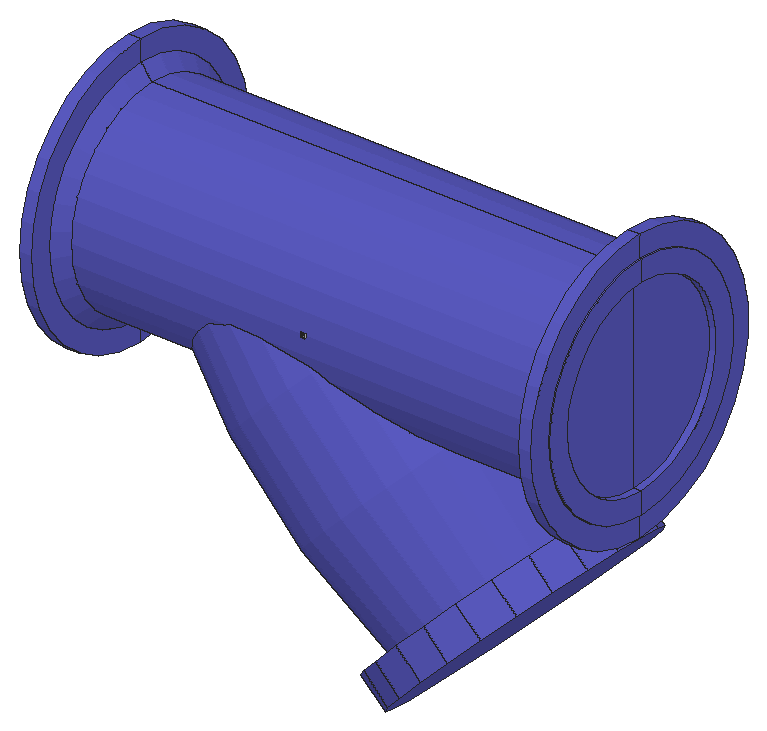
Revit family "Фильтр-грязевик 4111", category Rohrzubehör, Revit 2019
Family settings
  Bemaßung runder Anschluss = Durchmesser verwenden
  Teiletyp = Unterbricht
  OmniClass-Nummer = 23.65.55.14
  OmniClass-Titel = Valves for Liquid Services
  Arbeitsebenenbasiert = Nein
  Immer vertikal = Ja
  Beim Laden mit Abzugskörper schneiden = Nein
  Gemeinsam genutzt = Nein
Parameters
  Уплотнения = "Klingerit"  # constant formula
  Среда = "Качество теплоносителя в соответствии с ÖNORM H5195 и/или предписаниями VDI-Standard 2035.\r\nРазрешается использование смеси этилен или пропиленгликоля в соотношении 25-50% с водой."
  Область применения = "Применяются в системах тепло- и холодоснабжения."
  Номер заказа [instance] = size_lookup("4111_F_", "Artnr", 0, Nennweite)  # 4411190
  Мин. рабочая температура = -10 °C  # constant formula
  Макс. рабочая температура = 120 °C  # constant formula
  Корпус = "GG25"  # constant formula
  Вес [instance] = size_lookup("4111_F_", "Gew", 0, Nennweite)  # 505
  Болты [instance] = if(Nennweite = 50.000 mm, "4x M16x60", if(Nennweite = 65.000 mm, "4x M16x60", if(Nennweite = 80.000 mm, "8x M16x65", if(Nennweite = 100.000 mm, "8x M16x65", if(Nennweite = 125.000 mm, "8x M16x70", if(Nennweite = 150.000 mm, "8x M20x70", if(Nennweite = 200.000 mm, "12x M20x75", if(Nennweite = 250.000 mm, "12x M24x85", if(Nennweite = 300.000 mm, "12x M24x85", if(Nennweite = 350.000 mm, "16x M24x90", "16x M27x100"))))))))))  # "16x M27x100"
  PN = 1600000.0 Pa  # constant formula
  kvs [instance] = if(Nennweite = 50.000 mm, 51, if(Nennweite = 65.000 mm, 70, if(Nennweite = 80.000 mm, 114, if(Nennweite = 100.000 mm, 197, if(Nennweite = 125.000 mm, 271, if(Nennweite = 150.000 mm, 349, if(Nennweite = 200.000 mm, 449, if(Nennweite = 250.000 mm, 994, if(Nennweite = 300.000 mm, 1566, if(Nennweite = 350.000 mm, 2461, 3645))))))))))  # 3645
  Крепление фильтрующего элемента = "Нержавеющая сталь"  # constant formula
  W02 = 45.00°  # constant formula
  W01 = 140.00°  # constant formula
  Уплотнение заглушки = "Медь"  # constant formula
  Заглушка = "Сталь St37"  # constant formula
  URL = "www.herz-armaturen.ru"
  SCRNSEQ = "AWI;AWI_TYP=\"1011\";2"
  SCRNCODE = "05;15;02"  # constant formula
  S01 [instance] = 2 * FLD01  # 580.000 mm
  R02 [instance] = size_lookup("4111_F_", "R2", 1.000 mm, Nennweite)  # 221.000 mm
  R01 [instance] = size_lookup("4111_F_", "R1", 1.000 mm, Nennweite)  # 250.000 mm
  Nennweite [instance] = 400.000 mm
  L02 [instance] = size_lookup("4111_F_", "L2", 1.000 mm, Nennweite)  # 301.000 mm
  Hersteller = "HERZ Armaturen Ges.m.b.H."  # constant formula
  L01 [instance] = size_lookup("4111_F_", "L1", 1.000 mm, Nennweite)  # 550.000 mm
  H01 [instance] = size_lookup("4111_F_", "H1", 1.000 mm, Nennweite)  # 479.500 mm
  Фильтрующий элемент (DN50-DN80) = "AISI 304, размер ячейки 600 мкм"  # constant formula
  Фильтрующий элемент (DN100-DN400) = "AISI 304, размер ячейки 1500 мкм"  # constant formula
  FLL02 [instance] = size_lookup("4111_F_", "FLL2", 1.000 mm, Nennweite)  # 30.000 mm
  FLL01 [instance] = size_lookup("4111_F_", "FLL1", 1.000 mm, Nennweite)  # 4.000 mm
  FLD02 [instance] = size_lookup("4111_F_", "FLD2", 1.000 mm, Nennweite)  # 245.000 mm
  FLD01 [instance] = size_lookup("4111_F_", "FLD1", 1.000 mm, Nennweite)  # 290.000 mm
  DN80 [instance] = Nennweite = 80.000 mm  # no
  DN65 [instance] = Nennweite = 65.000 mm  # no
  DN50 [instance] = Nennweite = 50.000 mm  # no
  DN400 [instance] = Nennweite = 400.000 mm  # yes
  DN350 [instance] = Nennweite = 350.000 mm  # no
  DN300 [instance] = Nennweite = 300.000 mm  # no
  DN250 [instance] = Nennweite = 250.000 mm  # no
  DN200 [instance] = Nennweite = 200.000 mm  # no
  DN150 [instance] = Nennweite = 150.000 mm  # no
  DN125 [instance] = Nennweite = 125.000 mm  # no
  DN100 [instance] = Nennweite = 100.000 mm  # no
  DN [instance] = Nennweite / 2  # 200.000 mm
  D01 [instance] = size_lookup("4111_F_", "D1", 1.000 mm, Nennweite)  # 216.000 mm
  Крышка = "GG25"  # constant formula
Reference planes
  plane 1 "Mitte (Vorne/hinten)": y = 0
  plane 2: z = 0
  plane 3 "Mitte (Links/rechts)": x = 0
Forms (mm)
  Revolve 1, solid, material "Herz-Marineblau", detail levels fine
    sketch origin (0, 0, 0) x (1, 0, 0) y (0, 0, 1)
      loop
        line (-546, 245) -> (-550, 245) -> (-550, 200) -> (-533.79, 200) -> (-533.79, 0) -> (533.79, 0) -> (533.79, 200) -> (550, 200) -> (550, 245) -> (546, 245) -> (546, 290) -> (520, 290) -> (520, 234.5) -> (504.477, 216) -> (-495.666, 216) -> (-520, 245) -> (-520, 290) -> (-546, 290) -> (-546, 245)
      axis (-550, 0) -> (550, 0)
    angle from 0 to 360
  Revolve 2, solid, material "Herz-Marineblau", detail levels fine
    sketch origin (0, 0, 0) x (1, 0, 0) y (0, 0, 1)
      loop
        line (-230.5, 0) -> (-371.921, -141.421)
        arc (-371.921, -141.421) -> (-167.867, -415.168) -> (92.729, -635.771) r 1502.314
        line (92.729, -635.771) -> (249, -479.5) -> (-230.5, 0)
      axis (-230.5, 0) -> (249, -479.5)
    angle from 0 to 360
  Extrusion 3, solid, material "Herz-Marineblau", visible <- "DN50", detail levels fine
    sketch origin (12, 0, -74) x (0, 1, 0) y (0.707107, 0, 0.707107)
      loop
        arc (50, 40) -> (47.071, 47.071) -> (40, 50) r 10
        line (40, 50) -> (-40, 50)
        arc (-40, 50) -> (-47.071, 47.071) -> (-50, 40) r 10
        line (-50, 40) -> (-50, -40)
        arc (-50, -40) -> (-47.071, -47.071) -> (-40, -50) r 10
        line (-40, -50) -> (40, -50)
        arc (40, -50) -> (47.071, -47.071) -> (50, -40) r 10
        line (50, -40) -> (50, 40)
    from 30.5 to 0
  Extrusion 4, solid, material "Herz-Marineblau", visible <- "DN65", detail levels fine
    sketch origin (17, 0, -102.5) x (0, 1, 0) y (0.707107, 0, 0.707107)
      loop
        line (-60, 40) -> (-60, -40)
        arc (-60, -40) -> (-54.142, -54.142) -> (-40, -60) r 20
        line (-40, -60) -> (40, -60)
        arc (40, -60) -> (54.142, -54.142) -> (60, -40) r 20
        line (60, -40) -> (60, 40)
        arc (60, 40) -> (54.142, 54.142) -> (40, 60) r 20
        line (40, 60) -> (-40, 60)
        arc (-40, 60) -> (-54.142, 54.142) -> (-60, 40) r 20
    from 33 to 0
  Extrusion 5, solid, material "Herz-Marineblau", visible <- "DN80", detail levels fine
    sketch origin (44, 0, -118) x (0, 1, 0) y (0.707107, 0, 0.707107)
      loop
        line (-67, 47) -> (-67, -47)
        arc (-67, -47) -> (-61.142, -61.142) -> (-47, -67) r 20
        line (-47, -67) -> (47, -67)
        arc (47, -67) -> (61.142, -61.142) -> (67, -47) r 20
        line (67, -47) -> (67, 47)
        arc (67, 47) -> (61.142, 61.142) -> (47, 67) r 20
        line (47, 67) -> (-47, 67)
        arc (-47, 67) -> (-61.142, 61.142) -> (-67, 47) r 20
    from 34 to 0
  Extrusion 6, solid, material "Herz-Marineblau", visible <- "DN100", detail levels fine
    sketch origin (43, -449.258, -142) x (0, 1, 0) y (0.707107, 0, 0.707107)
      loop
        line (544.008, 0) -> (531.314, 47.375) -> (496.633, 82.056) -> (449.258, 94.75) -> (401.883, 82.056) -> (367.203, 47.375) -> (354.508, 0) -> (367.203, -47.375) -> (401.883, -82.056) -> (449.258, -94.75) -> (496.633, -82.056) -> (531.314, -47.375) -> (544.008, 0)
    from 35.5 to 0
  Extrusion 7, solid, material "Herz-Marineblau", visible <- "DN125", detail levels fine
    sketch origin (54, -422.813, -170) x (0, 1, 0) y (0.707107, 0, 0.707107)
      loop
        line (535.313, 0) -> (520.241, 56.25) -> (479.063, 97.428) -> (422.813, 112.5) -> (366.563, 97.428) -> (325.386, 56.25) -> (310.313, 0) -> (325.386, -56.25) -> (366.563, -97.428) -> (422.813, -112.5) -> (479.063, -97.428) -> (520.241, -56.25) -> (535.313, 0)
    from 44.5 to 0
  Extrusion 8, solid, material "Herz-Marineblau", visible <- "DN150", detail levels fine
    sketch origin (61.5, -490.074, -187.5) x (0, 1, 0) y (0.707107, 0, 0.707107)
      loop
        line (621.324, 0) -> (603.739, 65.625) -> (555.699, 113.666) -> (490.074, 131.25) -> (424.449, 113.666) -> (376.408, 65.625) -> (358.824, 0) -> (376.408, -65.625) -> (424.449, -113.666) -> (490.074, -131.25) -> (555.699, -113.666) -> (603.739, -65.625) -> (621.324, 0)
    from 44.7 to 0
  Extrusion 9, solid, material "Herz-Marineblau", visible <- "DN200", detail levels fine
    sketch origin (82, -429.19, -249) x (0, 1, 0) y (0.707107, 0, 0.707107)
      loop
        line (588.19, 0) -> (566.888, 79.5) -> (508.69, 137.698) -> (429.19, 159) -> (349.69, 137.698) -> (291.492, 79.5) -> (270.19, 0) -> (291.492, -79.5) -> (349.69, -137.698) -> (429.19, -159) -> (508.69, -137.698) -> (566.888, -79.5) -> (588.19, 0)
    from 47 to 0
  Extrusion 10, solid, material "Herz-Marineblau", visible <- "DN250", detail levels fine
    sketch origin (109.5, -496.545, -300) x (0, 1, 0) y (0.707107, 0, 0.707107)
      loop
        line (686.545, 0) -> (680.071, 49.176) -> (661.09, 95) -> (630.895, 134.35) -> (591.545, 164.545) -> (545.72, 183.526) -> (496.545, 190) -> (447.369, 183.526) -> (401.545, 164.545) -> (362.194, 134.35) -> (332, 95) -> (313.019, 49.176) -> (306.545, 0) -> (313.019, -49.176) -> (332, -95) -> (362.194, -134.35) -> (401.545, -164.545) -> (447.369, -183.526) -> (496.545, -190) -> (545.72, -183.526) -> (591.545, -164.545) -> (630.895, -134.35) -> (661.09, -95) -> (680.071, -49.176) -> (686.545, 0)
    from 56.5 to 0
  Extrusion 11, solid, material "Herz-Marineblau", visible <- "DN300", detail levels fine
    sketch origin (82, 617.078, -333) x (0, 1, 0) y (0.707107, 0, 0.707107)
      loop
        line (-390.078, 0) -> (-397.813, 58.752) -> (-420.49, 113.5) -> (-456.565, 160.513) -> (-503.578, 196.588) -> (-558.326, 219.265) -> (-617.078, 227) -> (-675.83, 219.265) -> (-730.578, 196.588) -> (-777.591, 160.513) -> (-813.666, 113.5) -> (-836.343, 58.752) -> (-844.078, 0) -> (-836.343, -58.752) -> (-813.666, -113.5) -> (-777.591, -160.513) -> (-730.578, -196.588) -> (-675.83, -219.265) -> (-617.078, -227) -> (-558.326, -219.265) -> (-503.578, -196.588) -> (-456.565, -160.513) -> (-420.49, -113.5) -> (-397.813, -58.752) -> (-390.078, 0)
    from 61 to 0
  Extrusion 12, solid, material "Herz-Marineblau", visible <- "DN350", detail levels fine
    sketch origin (211, 802.601, -476) x (0, 1, 0) y (0.707107, 0, 0.707107)
      loop
        line (-547.601, 0) -> (-556.29, 65.999) -> (-581.764, 127.5) -> (-622.288, 180.312) -> (-675.101, 220.836) -> (-736.602, 246.311) -> (-802.601, 255) -> (-868.6, 246.311) -> (-930.101, 220.836) -> (-982.913, 180.312) -> (-1023.437, 127.5) -> (-1048.912, 65.999) -> (-1057.601, 0) -> (-1048.912, -65.999) -> (-1023.437, -127.5) -> (-982.913, -180.312) -> (-930.101, -220.836) -> (-868.6, -246.311) -> (-802.601, -255) -> (-736.602, -246.311) -> (-675.101, -220.836) -> (-622.288, -180.312) -> (-581.764, -127.5) -> (-556.29, -65.999) -> (-547.601, 0)
    from 73 to 0
  Extrusion 13, solid, material "Herz-Marineblau", visible <- "DN400", detail levels fine
    sketch origin (249, 812.573, -479.5) x (0, 1, 0) y (0.707107, 0, 0.707107)
      loop
        line (-532.573, 0) -> (-542.114, 72.469) -> (-570.086, 140) -> (-614.583, 197.99) -> (-672.573, 242.487) -> (-740.104, 270.459) -> (-812.573, 280) -> (-885.042, 270.459) -> (-952.573, 242.487) -> (-1010.563, 197.99) -> (-1055.06, 140) -> (-1083.032, 72.469) -> (-1092.573, 0) -> (-1083.032, -72.469) -> (-1055.06, -140) -> (-1010.563, -197.99) -> (-952.573, -242.487) -> (-885.042, -270.459) -> (-812.573, -280) -> (-740.104, -270.459) -> (-672.573, -242.487) -> (-614.583, -197.99) -> (-570.086, -140) -> (-542.114, -72.469) -> (-532.573, 0)
    from 74 to 0
Lines and regions (mm)
  model lines, detail levels coarse+medium
    curve 1: line (-550, 0, 290) -> (550, 0, 290)
    curve 2: line (-550, 0, -290) -> (-550, 0, 290)
    curve 3: line (550, 0, -290) -> (-550, 0, -290)
    curve 4: line (550, 0, 290) -> (550, 0, -290)
    curve 5: line (550, 0, -290) -> (-550, 0, 290)
    curve 6: line (-550, 290, 0) -> (550, 290, 0)
    curve 7: line (-550, -290, 0) -> (-550, 290, 0)
    curve 8: line (550, -290, 0) -> (-550, -290, 0)
    curve 9: line (550, 290, 0) -> (550, -290, 0)
    curve 10: line (550, -290, 0) -> (-550, 290, 0)
Dimensions and locks
  "FLD01": Revolve 1 sketch curve to plane 2  (x2)
  "FLD02": Revolve 1 sketch curve to plane 2  (x3)
  "DN": Revolve 1 sketch curve to plane 2  (x2)
  "L01": Revolve 1 sketch curve to plane 3 "Mitte (Links/rechts)"  (x2)
  "FLL01": Revolve 1 sketch curve to Revolve 1 sketch curve  (x2)
  "FLL02": Revolve 1 sketch curve to Revolve 1 sketch curve  (x2)
  "D01": Revolve 1 sketch curve to plane 2  (x2)
  "H01": plane 2 to Revolve 2 sketch curve
  "L02": Revolve 2 sketch curve to Revolve 1
  "R02": Revolve 2 sketch curve to Revolve 2 sketch curve
  "DN": Revolve 2 sketch curve to Revolve 2 sketch curve
  "D01": nested 1 to plane 1 "Mitte (Vorne/hinten)"
  "L01": plane 3 "Mitte (Links/rechts)" to curve 2
  "L01": plane 3 "Mitte (Links/rechts)" to curve 4
  equal spacing: curve 5, plane 2, curve 3
  "S01": curve 1 to curve 3
  equal spacing: curve 8, plane 1 "Mitte (Vorne/hinten)", curve 6
  "S01": curve 8 to curve 6
  "L01": curve 7 to plane 3 "Mitte (Links/rechts)"
  "L01": plane 3 "Mitte (Links/rechts)" to curve 9
  "R01": Revolve 2 sketch curve to Revolve 2 sketch curve
  "W01": angle Revolve 1 sketch curve to Revolve 1 sketch curve  (x2)
  "W02": angle Revolve 2 sketch curve to plane 2
  aligned and locked: level to plane 2
Automatic sketch dimensions
  plane 1 "Mitte (Vorne/hinten)" to Extrusion 3 sketch curve = 50.000 mm
  Extrusion 3 sketch curve to Extrusion 3 sketch curve = 10.000 mm  (x3)
  Extrusion 3 sketch curve to plane 1 "Mitte (Vorne/hinten)" = 40.000 mm  (x2)
  Extrusion 3 sketch curve to Extrusion 3 sketch curve = 80.000 mm
  plane 1 "Mitte (Vorne/hinten)" to Extrusion 4 sketch curve = 60.000 mm
  Extrusion 4 sketch curve to Extrusion 4 sketch curve = 20.000 mm  (x3)
  Extrusion 4 sketch curve to plane 1 "Mitte (Vorne/hinten)" = 40.000 mm  (x2)
  Extrusion 4 sketch curve to Extrusion 4 sketch curve = 80.000 mm
  plane 1 "Mitte (Vorne/hinten)" to Extrusion 5 sketch curve = 67.000 mm
  Extrusion 5 sketch curve to Extrusion 5 sketch curve = 20.000 mm  (x3)
  Extrusion 5 sketch curve to plane 1 "Mitte (Vorne/hinten)" = 47.000 mm  (x2)
  Extrusion 5 sketch curve to Extrusion 5 sketch curve = 94.000 mm
  Extrusion 6 sketch curve to plane 1 "Mitte (Vorne/hinten)" = 0.000 mm  (x2)
  plane 1 "Mitte (Vorne/hinten)" to Extrusion 6 sketch curve = 47.375 mm  (x2)
  Extrusion 6 sketch curve to Extrusion 6 sketch curve = 34.681 mm  (x8)
  Extrusion 6 sketch curve to Extrusion 6 sketch curve = 12.694 mm  (x5)
  Extrusion 6 sketch curve to plane 1 "Mitte (Vorne/hinten)" = 47.375 mm  (x2)
  Extrusion 6 sketch curve to Extrusion 6 sketch curve = 47.375 mm  (x4)
  Extrusion 7 sketch curve to plane 1 "Mitte (Vorne/hinten)" = 0.000 mm  (x2)
  plane 1 "Mitte (Vorne/hinten)" to Extrusion 7 sketch curve = 56.250 mm  (x2)
  Extrusion 7 sketch curve to Extrusion 7 sketch curve = 41.178 mm  (x8)
  Extrusion 7 sketch curve to Extrusion 7 sketch curve = 15.072 mm  (x5)
  Extrusion 7 sketch curve to plane 1 "Mitte (Vorne/hinten)" = 56.250 mm  (x2)
  Extrusion 7 sketch curve to Extrusion 7 sketch curve = 56.250 mm  (x4)
  Extrusion 8 sketch curve to plane 1 "Mitte (Vorne/hinten)" = 0.000 mm  (x2)
  plane 1 "Mitte (Vorne/hinten)" to Extrusion 8 sketch curve = 65.625 mm  (x2)
  Extrusion 8 sketch curve to Extrusion 8 sketch curve = 48.041 mm  (x8)
  Extrusion 8 sketch curve to Extrusion 8 sketch curve = 17.584 mm  (x5)
  Extrusion 8 sketch curve to plane 1 "Mitte (Vorne/hinten)" = 65.625 mm  (x2)
  Extrusion 8 sketch curve to Extrusion 8 sketch curve = 65.625 mm  (x4)
  Extrusion 9 sketch curve to plane 1 "Mitte (Vorne/hinten)" = 0.000 mm  (x2)
  plane 1 "Mitte (Vorne/hinten)" to Extrusion 9 sketch curve = 79.500 mm  (x2)
  Extrusion 9 sketch curve to Extrusion 9 sketch curve = 58.198 mm  (x8)
  Extrusion 9 sketch curve to Extrusion 9 sketch curve = 21.302 mm  (x5)
  Extrusion 9 sketch curve to plane 1 "Mitte (Vorne/hinten)" = 79.500 mm  (x2)
  Extrusion 9 sketch curve to Extrusion 9 sketch curve = 79.500 mm  (x4)
  Extrusion 10 sketch curve to plane 1 "Mitte (Vorne/hinten)" = 0.000 mm  (x2)
  plane 1 "Mitte (Vorne/hinten)" to Extrusion 10 sketch curve = 49.176 mm  (x2)
  Extrusion 10 sketch curve to Extrusion 10 sketch curve = 45.824 mm  (x8)
  Extrusion 10 sketch curve to Extrusion 10 sketch curve = 39.350 mm  (x8)
  Extrusion 10 sketch curve to Extrusion 10 sketch curve = 30.195 mm  (x8)
  Extrusion 10 sketch curve to Extrusion 10 sketch curve = 18.981 mm  (x8)
  Extrusion 10 sketch curve to Extrusion 10 sketch curve = 6.474 mm  (x5)
  Extrusion 10 sketch curve to plane 1 "Mitte (Vorne/hinten)" = 49.176 mm  (x2)
  Extrusion 10 sketch curve to Extrusion 10 sketch curve = 49.176 mm  (x4)
  Extrusion 11 sketch curve to plane 1 "Mitte (Vorne/hinten)" = 0.000 mm  (x2)
  plane 1 "Mitte (Vorne/hinten)" to Extrusion 11 sketch curve = 58.752 mm  (x2)
  Extrusion 11 sketch curve to Extrusion 11 sketch curve = 54.748 mm  (x8)
  Extrusion 11 sketch curve to Extrusion 11 sketch curve = 47.013 mm  (x8)
  Extrusion 11 sketch curve to Extrusion 11 sketch curve = 36.075 mm  (x8)
  Extrusion 11 sketch curve to Extrusion 11 sketch curve = 22.677 mm  (x8)
  Extrusion 11 sketch curve to Extrusion 11 sketch curve = 7.735 mm  (x5)
  Extrusion 11 sketch curve to plane 1 "Mitte (Vorne/hinten)" = 58.752 mm  (x2)
  Extrusion 11 sketch curve to Extrusion 11 sketch curve = 58.752 mm  (x4)
  Extrusion 12 sketch curve to plane 1 "Mitte (Vorne/hinten)" = 0.000 mm  (x2)
  plane 1 "Mitte (Vorne/hinten)" to Extrusion 12 sketch curve = 65.999 mm  (x2)
  Extrusion 12 sketch curve to Extrusion 12 sketch curve = 61.501 mm  (x8)
  Extrusion 12 sketch curve to Extrusion 12 sketch curve = 52.812 mm  (x8)
  Extrusion 12 sketch curve to Extrusion 12 sketch curve = 40.524 mm  (x8)
  Extrusion 12 sketch curve to Extrusion 12 sketch curve = 25.475 mm  (x8)
  Extrusion 12 sketch curve to Extrusion 12 sketch curve = 8.689 mm  (x5)
  Extrusion 12 sketch curve to plane 1 "Mitte (Vorne/hinten)" = 65.999 mm  (x2)
  Extrusion 12 sketch curve to Extrusion 12 sketch curve = 65.999 mm  (x4)
  Extrusion 13 sketch curve to plane 1 "Mitte (Vorne/hinten)" = 0.000 mm  (x2)
  plane 1 "Mitte (Vorne/hinten)" to Extrusion 13 sketch curve = 72.469 mm  (x2)
  Extrusion 13 sketch curve to Extrusion 13 sketch curve = 67.531 mm  (x8)
  Extrusion 13 sketch curve to Extrusion 13 sketch curve = 57.990 mm  (x8)
  Extrusion 13 sketch curve to Extrusion 13 sketch curve = 44.497 mm  (x8)
  Extrusion 13 sketch curve to Extrusion 13 sketch curve = 27.972 mm  (x8)
  Extrusion 13 sketch curve to Extrusion 13 sketch curve = 9.541 mm  (x5)
  Extrusion 13 sketch curve to plane 1 "Mitte (Vorne/hinten)" = 72.469 mm  (x2)
  Extrusion 13 sketch curve to Extrusion 13 sketch curve = 72.469 mm  (x4)
  Revolve 1 sketch curve to level = 0.000 mm  (x2)
  Revolve 1 sketch curve to Revolve 1 sketch curve = 16.210 mm  (x2)
  Revolve 1 sketch curve to Revolve 1 sketch curve = 15.523 mm
  Revolve 1 sketch curve to Revolve 1 sketch curve = 1391.530 mm
  Revolve 1 sketch curve to Revolve 1 sketch curve = 1724.148 mm
  Revolve 2 sketch curve to level = 0.000 mm  (x2)
  Revolve 2 sketch curve to Revolve 2 sketch curve = 0.000 mm  (x3)
Nested families
  nested 1: "Herz-Logo-vorne" at (0, -216, 0) x (0, -1, 0) z (0, 0, 1), type "Herz-Logo-vorne", detail levels fine
Connectors
  piping at (-550, 0, 0), diameter 400, driven by "Nennweite"
    settings: on Revolve 1, index 1, connector inside diameter 609.6 mm, connector length 0.000 mm, flow factor 0, pipe flow 0.0 L/s, pressure drop 0.0 Pa, fitting loss kfactor 0, connector angle 0.00°, fixture units 0, engagement length 0.000 mm, angle of deflection 0.00°, flow configuration 0, flow direction 1, fitting loss method 0, system type 29, joint type 0, gender type 0, connector reference index -1, connector utility 0, adjustable connector no, is connector primary yes, connector description ""
  piping at (550, 0, 0), diameter 400, driven by "Nennweite"
    settings: on Revolve 1, index 2, connector inside diameter 609.6 mm, connector length 0.000 mm, flow factor 0, pipe flow 0.0 L/s, pressure drop 0.0 Pa, fitting loss kfactor 0, connector angle 0.00°, fixture units 0, engagement length 0.000 mm, angle of deflection 0.00°, flow configuration 0, flow direction 2, fitting loss method 0, system type 29, joint type 0, gender type 0, connector reference index -1, connector utility 0, adjustable connector no, is connector primary no, connector description ""
Definition of nested family "Herz-Logo-vorne"
  Reference planes
    plane 1 "Mitte (Vorne/hinten)": y = 0
    plane 2: z = 0
    plane 3 "Mitte (Links/rechts)": x = 0
  Forms (mm)
    Extrusion 1, solid
      sketch origin (0.732, -0.018, 0.017) x (0, -1, 0) y (0, 0, 1)
        loop
          line (-0.018, -4.517) -> (4.482, -4.517) -> (4.482, 4.483) -> (-4.518, 4.483) -> (-4.518, -4.517) -> (-0.018, -4.517)
        loop
          line (-0.05, -3.48) -> (3.482, -3.48) -> (3.482, 3.483) -> (-3.518, 3.483) -> (-3.518, -3.48) -> (-0.05, -3.48)
        loop
          arc (-0.018, 2.383) -> (-1.543, 3.287) -> (-3.067, 2.383) r 1.738
          arc (-3.067, 2.383) -> (-3.191, 1.899) -> (-3.067, 1.415) r 1.009
          line (-3.067, 1.415) -> (-0.018, -3.281) -> (3.032, 1.415)
          arc (3.032, 1.415) -> (3.156, 1.899) -> (3.032, 2.383) r 1.009
          arc (3.032, 2.383) -> (1.507, 3.287) -> (-0.018, 2.383) r 1.738
        loop
          arc (1.885, 1.272) -> (2.005, 1.675) -> (1.885, 2.079) r 0.74
          arc (1.885, 2.079) -> (1.265, 2.416) -> (0.644, 2.079) r 0.74
          line (0.644, 2.079) -> (-0.018, 0.97) -> (-0.679, 2.079)
          arc (-0.679, 2.079) -> (-1.3, 2.416) -> (-1.921, 2.079) r 0.74
          arc (-1.921, 2.079) -> (-2.04, 1.675) -> (-1.921, 1.272) r 0.74
          line (-1.921, 1.272) -> (-0.018, -1.658) -> (1.885, 1.272)
      from 0 to 1.5
  Dimensions and locks
    aligned and locked: level to plane 2
